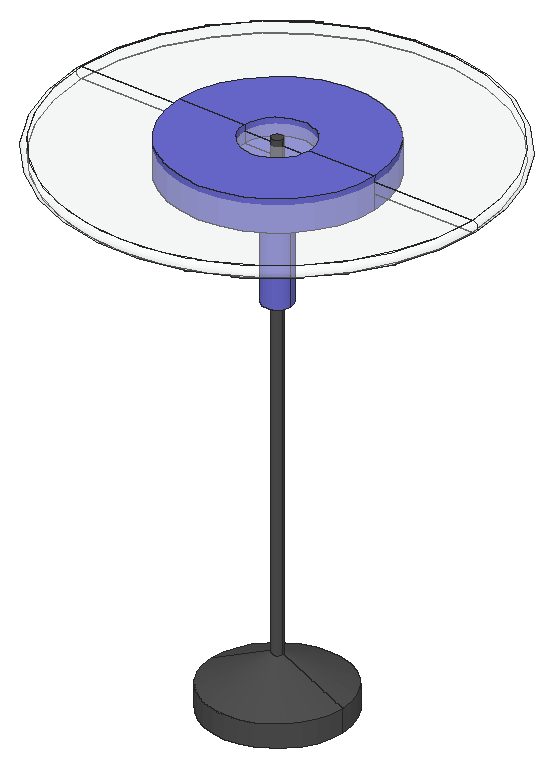
Revit family "bc2a0ddd5b4346a5b3999280653af6b8", category Lighting Fixtures, host Face, Revit 2021
Family settings
  Host = Face
  Round Connector Dimension = Use Diameter
  Part Type = Normal
  OmniClass Number = 23.80.70.11.11
  OmniClass Title = General Luminaries, Non Directional
  Seek Item ID = Pendant Light - Disk-0000-USA-ENU
  Cut with Voids When Loaded = No
  Light Source = Yes
  Shared = No
  Room Calculation Point = No
Parameters (values of type "100W - 120V")
  Wattage = 100 W
  built-in parameter 1150110 = 1 (stored number, unit not read)
  Type Comments = "3.5\" Min.Radius"
  built-in parameter 1150109 = 1 (stored number, unit not read)
  built-in parameter 1150134 = 4
  built-in parameter 1150113 = 1 (stored number, unit not read)
  Tilt Angle = -90.00°
  Photometric Web File = "WLB1A19.ies"
  Lumens = 1690 lm
  built-in parameter 1114217 = 1 (stored number, unit not read)
  built-in parameter 1150115 = 1 (stored number, unit not read)
  built-in parameter 1150105 = 134.49 (stored number, unit not read)
  Load Classification = Lighting - Dwelling Unit
  built-in parameter 1150137 = 1
  built-in parameter 1150139 = (empty or 0)
  built-in parameter 1150112 = 1 (stored number, unit not read)
  built-in parameter 1150114 = 1 (stored number, unit not read)
  Lamp = "A-19"
  built-in parameter 1150132 = (empty or 0)
  built-in parameter 1150102 = (empty or 0)
  built-in parameter 1150138 = (empty or 0)
  built-in parameter 1150107 = 2800 (stored number, unit not read)
  built-in parameter 1150106 = 1.3449 (stored number, unit not read)
  Glass Radius = 0' - 9"
  Glass Material = Glass - Clear, Grey
  Fixture Radius = Glass Radius * 0.5  # 0' - 4 1/2"
  Fixture Material = Plastic - Blue
  Emit from Circle Diameter = Fixture Radius * 2  # 0' - 9"
  Emit Shape Visible in Rendering = no
  built-in parameter 1150104 = 1.5701 (stored number, unit not read)
  Drop From Ceiling = 2' - 0"
  Dimming Lamp Color Temperature Shift = <None>
  Default Elevation = 4' - 0"
  Color Filter = 16777215
  Ceiling Mount Material = Steel, Chrome Plated
  built-in parameter 1140040 [instance] = 1
  Ballast Voltage = 120 V
  Ballast Number of Poles = 1
  built-in parameter 1114218 = 1 (stored number, unit not read)
  built-in parameter 1150133 = 10 (stored number, unit not read)
  Assembly Code = "D5020220"
  Apparent Load = 100 VA
Types (5): name | Wattage | Type Comments | Photometric Web File | Lumens | built-in parameter 1150105 | Lamp | built-in parameter 1150106 | built-in parameter 1150104 | Ballast Voltage | Apparent Load
  (no name) | 100 W | "3.5\" Min.Radius" | "WLB1A19.ies" | 1690 lm | 134.49 (stored number, unit not read) | "A-19" | 1.3449 (stored number, unit not read) | 1.5701 (stored number, unit not read) | 120 V | 100 VA
  100W - 120V | 100 W | "3.5\" Min.Radius" | "WLB1A19.ies" | 1690 lm | 134.49 (stored number, unit not read) | "A-19" | 1.3449 (stored number, unit not read) | 1.5701 (stored number, unit not read) | 120 V | 100 VA
  100W - 277V | 100 W | "3.5\" Min.Radius" | "WLB1A19.ies" | 1690 lm | 134.49 (stored number, unit not read) | "A-19" | 1.3449 (stored number, unit not read) | 1.5701 (stored number, unit not read) | 277 V | 100 VA
  150W - 120V | 150 W | 0' - 0" | "PLD1A21.ies" | 2779.5 lm | 221.19 (stored number, unit not read) | "A-21" | 2.2119 (stored number, unit not read) | 1.7215 (stored number, unit not read) | 120 V | 150 VA
  150W - 277V | 150 W | 0' - 0" | "PLD1A21.ies" | 2779.5 lm | 221.19 (stored number, unit not read) | "A-21" | 2.2119 (stored number, unit not read) | 1.7215 (stored number, unit not read) | 277 V | 150 VA
Reference planes (in)
  plane 1 "Center (Front/Back)": y = 0
  plane 2: z = 0
  plane 3 "Center (Left/Right)": x = 0
  plane 4: x = -3
  plane 5: z = 1
  plane 6: z = 2.40625
  plane 7: z = 2.28125
  plane 8: z = 24
  plane 9: x = -9
  plane 10: z = 22.75
  plane 11: z = 23.5
  plane 12: z = 23.25
  plane 13: z = 23
  plane 14: x = -0.625
  plane 15: x = -1.5
  plane 16: x = -4.5
  plane 17: z = 16.75
  plane 18: z = 22.09375
Forms (in)
  Revolve 1, solid, material "Steel, Chrome Plated" <- "Ceiling Mount Material"
    sketch origin (0, 0, 0) x (1, 0, 0) y (0, 0, 1)
      loop
        line (0, 0) -> (0, 2.40625) -> (-3, 1) -> (-3, 0) -> (0, 0)
      axis (0, 2.40625) -> (0, 0)
    angle from 0 to 360
  Revolve 2, solid, material "Glass - Clear, Grey" <- "Glass Material"
    sketch origin (0, 0, 0) x (1, 0, 0) y (0, 0, 1)
      loop
        arc (-9, 23.25) -> (-9.25, 23) -> (-9, 22.75) r 0.25
        line (-9, 22.75) -> (0, 22.75) -> (0, 23.25) -> (-9, 23.25)
      axis (0, 22.75) -> (0, 23.25)
    angle from 0 to 360
  Extrusion 3, solid, material "Steel, Chrome Plated" <- "Ceiling Mount Material"
    sketch origin (0, 0, 0) x (1, 0, 0) y (0, 1, 0)
      loop
        circle (0, 0) r 0.25
    from 0 to 23.5
  Revolve 4, solid, material "Plastic - Blue" <- "Fixture Material"
    sketch origin (0, 0, 0) x (1, 0, 0) y (0, 0, 1)
      loop
        line (0, 16.75) -> (0, 22.75) -> (-1.5, 22.75) -> (-1.5, 23.5) -> (-4.5, 23.5) -> (-4.5, 22.09375) -> (-0.625, 22.09375) -> (-0.625, 16.75) -> (0, 16.75)
      axis (0, 23.5) -> (0, 16.75)
    angle from 0 to 360
Cuts and joins
  joined: Revolve 1, Extrusion 3
Dimensions and locks (in)
  "Drop From Ceiling": plane 8 to plane 2
  "Glass Radius": plane 3 "Center (Left/Right)" to plane 9
  plane 8 to plane 11 = 0' - 0 1/2"
  plane 11 to plane 12 = 0' - 0 1/4"
  plane 12 to plane 10 = 0' - 0 1/2"
  plane 13 to plane 10 = 0' - 0 1/4"
  plane 3 "Center (Left/Right)" to plane 14 = 0' - 0 5/8"
  plane 3 "Center (Left/Right)" to plane 15 = 0' - 1 1/2"
  "Fixture Radius": plane 3 "Center (Left/Right)" to plane 16
  plane 8 to plane 17 = 0' - 7 1/4"
  plane 8 to plane 18 = 0' - 1 29/32"
  aligned and locked: plane 2 to host face
  aligned and locked: level to host face
  aligned and locked: Revolve 1 sketch curve to plane 3 "Center (Left/Right)"  (x2)
  aligned and locked: plane 4 to Revolve 1 sketch curve
  aligned and locked: plane 2 to Revolve 1 sketch curve
  aligned and locked: plane 12 to Revolve 2 sketch curve
  aligned and locked: Revolve 2 sketch curve to plane 10
  aligned and locked: plane 3 "Center (Left/Right)" to Revolve 2 sketch curve  (x2)
  aligned and locked: plane 9 to Revolve 2 sketch curve
  aligned and locked: plane 13 to Revolve 2 sketch curve
  aligned and locked: plane 3 "Center (Left/Right)" to Extrusion 3 sketch curve
  aligned and locked: plane 1 "Center (Front/Back)" to Extrusion 3 sketch curve
  aligned and locked: plane 11 to Extrusion 3
  aligned and locked: Revolve 4 sketch curve to plane 3 "Center (Left/Right)"  (x2)
  aligned and locked: plane 14 to Revolve 4 sketch curve
  aligned and locked: plane 16 to Revolve 4 sketch curve
  aligned and locked: Revolve 4 sketch curve to plane 11
  aligned and locked: Revolve 4 sketch curve to plane 10
  aligned and locked: plane 18 to Revolve 4 sketch curve
  aligned and locked: plane 17 to Revolve 4 sketch curve
  aligned and locked: plane 1 "Center (Front/Back)" to imposter light
  aligned and locked: plane 8 to imposter light
  aligned and locked: plane 3 "Center (Left/Right)" to imposter light
Automatic sketch dimensions
  host sketch curve to host sketch curve = 8' - 0"  (x2)
  Revolve 1 sketch curve to plane 5 = 0' - 0"
  Revolve 1 sketch curve to plane 6 = 0' - 0"
  Revolve 1 sketch curve to level = 0' - 3.47191"
  plane 5 to Revolve 1 sketch curve = 0' - 0.52809"
  Revolve 2 sketch curve to plane 9 = 0' - 0"
  Revolve 2 sketch curve to plane 11 = 0' - 0"
  plane 8 to Revolve 2 sketch curve = 0' - 4"
  Revolve 4 sketch curve to plane 15 = 0' - 0"
  Revolve 4 sketch curve to plane 18 = 0' - 1.97295"
  plane 8 to Revolve 4 sketch curve = 0' - 3.3708"
  radius of Extrusion 3 sketch curve = 0' - 0 1/4"
Connectors (in)
  electrical at (0, 0, 23.5), driven by "Apparent Load", driven by "Ballast Voltage", driven by "Ballast Number of Poles", driven by "Load Classification"
    settings: on cut or joined group of Revolve 1, Extrusion 3, index 1, voltage 120 V, apparent load 0 VA, apparent load phase1 100 VA, apparent load phase2 0 VA, apparent load phase3 0 VA, power factor 0.95, load classification "Lighting - Dwelling Unit", number of poles 1, system type 31, power factor state 1, is connector primary yes, connector utility no, sub classification motor no, connector description ""
